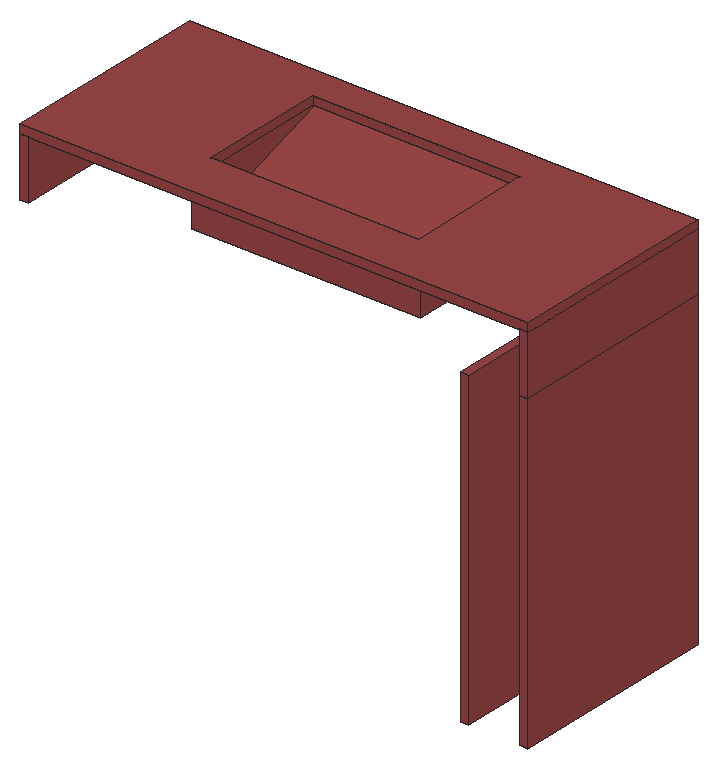
Revit family "Sanitary_Basins_Cosentino_Equilibrium1", category Plumbing Fixtures, host Wall, Revit 2020
Family settings
  Host = Wall
  Round Connector Dimension = Use Diameter
  Part Type = Normal
  Always vertical = Yes
  Cut with Voids When Loaded = No
  Shared = No
  Room Calculation Point = No
Parameters (values of type "Equilibrium")
  Ι_Wdth Cntrl [instance] = if(Width < 500 mm, 500 mm, if(Width > 600 mm, 600 mm, Width))  # 500 mm
  Ι_Vd_Dstnc [instance] = if(Tap Hole, 20 mm, 40 mm)  # 40 mm
  Ι_Lngth Cntrl [instance] = if(Length < 1200 mm, 1200 mm, if(Length > 3000 mm, 3000 mm, Length))  # 1200 mm
  Ι_Ffst 2 [instance] = if(Front Offset < 50 mm, 50 mm, 80 mm)  # 80 mm
  Ι_Ffst [instance] = if((Side Offset < 120 mm), 120 mm, if(and((Side Offset > 2410 mm), (Ι_Lngth Cntrl - Side Offset) > (490 mm + 120 mm)), 2410 mm, if(and((Side Offset > 2410 mm), Side Offset > (Ι_Lngth Cntrl - 490 mm - 120 mm)), Ι_Lngth Cntrl - 490 mm - 120 mm, if(and((Ι_Lngth Cntrl - 120 mm - 490 mm) > 2410 mm, Side Offset > 2410 mm), 2410 mm, if(and((Ι_Lngth Cntrl - 2410 mm - 490 mm) > 120 mm, Side Offset > 120 mm), 120 mm, if((Ι_Lngth Cntrl - Side Offset) < (490 mm + 2 mm * 120), 120 mm, Side Offset))))))  # 355 mm
  Width [instance] = 500 mm
  Vent Connection = no
  URL = "www.cosentino.com"
  Tap Hole [instance] = no
  Side Offset [instance] = 355 mm
  Right Leg [instance] = no
  Product data url = "ttps://www.bimobject.com/cosentino/product/cosentino-equilibrium"
  Product Material = Natural Stone - Cosentino - Silestone - Niebla - Suede
  Product Guid = "544b242c-5904-4230-aae0-1c920e1edc3f"
  Model = "Equilibrium"
  Manufacturer = "Cosentino"
  Length [instance] = 1200 mm
  Left Leg [instance] = yes
  Keynote = "10800"
  Height [instance] = 160 mm
  HW Connection = no
  Front Offset [instance] = 80 mm
  Edition number = 1
  Description = "The basin is one of the stars of your bathroom. Cosentino offers unique designs which fit smoothly into your room, your style, and the needs of your family.\r\n\r\nWhether it’s for a master bathroom or a downstairs WC, we have the perfect product to transform your bathroom into a warm, welcoming space."
  Default Elevation = 0 mm
  CW Connection = no
  Assembly Code = "D2010400"
Reference planes
  plane 1 "Wall": y = 0
  plane 2 "Center (Left/Right)": x = 125
  plane 3 "Back": y = 75
  plane 4: x = -475
  plane 5: x = 725
  plane 6 "Front": y = 575
  plane 7: x = -455
  plane 8: x = 705
  plane 9 "Top": z = 900
  plane 10: x = -120
  plane 11: x = 125
  plane 12: x = 370
  plane 13: x = -117.5
  plane 14: x = 367.5
  plane 15: y = 495
  plane 16: y = 555
  plane 17: y = 195
  plane 18: y = 226
  plane 19: z = 880
  plane 20: z = 773.389
  plane 21: z = 753.389
  plane 22 "Void": z = 860
  plane 23: z = 740
  plane 24 "Left leg": y = 1379.417
  plane 25 "Right leg": y = 1520
Forms (mm)
  Extrusion 1, solid, material "Natural Stone - Cosentino - Silestone - Niebla - Suede" <- "Product Material", detail levels medium+fine
    sketch origin (0, 0, 900) x (1, 0, 0) y (0, 1, 0)
      loop
        line (-475, 575) -> (-475, 75) -> (725, 75) -> (725, 575) -> (-475, 575)
      loop
        line (-120, 195) -> (370, 195) -> (370, 495) -> (-120, 495) -> (-120, 195)
    from 0 to -20
  Extrusion 2, void
    sketch origin (0, 0, 900) x (1, 0, 0) y (0, 1, 0)
      loop
        circle (125, 135) r 15.875
    from -40 to -20
  Extrusion 3, solid, material "Natural Stone - Cosentino - Silestone - Niebla - Suede" <- "Product Material", detail levels medium+fine
    sketch origin (0, 0, 900) x (1, 0, 0) y (0, 1, 0)
      loop
        line (-475, 575) -> (-475, 75) -> (-455, 75) -> (-455, 555) -> (705, 555) -> (705, 75) -> (725, 75) -> (725, 575) -> (-475, 575)
    from -20 to -160
  Extrusion 4, solid, not visible
    sketch origin (2359.306, 225, 753.389) x (1, 0, 0) y (0, 1, 0)
      loop
        circle (-2234.306, 1) r 1
    from 0 to 1
  Extrusion 5, solid, material "Natural Stone - Cosentino - Silestone - Niebla - Suede" <- "Product Material", detail levels fine
    sketch origin (2359.306, 225, 753.389) x (1, 0, 0) y (0, 1, 0)
      loop
        line (-2504.306, 295) -> (-2504.306, -55) -> (-1964.306, -55) -> (-1964.306, 295) -> (-2504.306, 295)
    from 0 to 20
  Extrusion 6, solid, material "Natural Stone - Cosentino - Silestone - Niebla - Suede" <- "Product Material", detail levels fine
    sketch origin (2359.306, 225, 753.389) x (1, 0, 0) y (0, 1, 0)
      loop
        line (-2504.306, 295) -> (-2504.306, -55) -> (-1964.306, -55) -> (-1964.306, 295) -> (-2504.306, 295)
      loop
        line (-2484.306, -35) -> (-1984.306, -35) -> (-1984.306, 275) -> (-2484.306, 275) -> (-2484.306, -35)
    from 20 to 126.611
  Revolve 7, void
    sketch origin (-920.737, 226, 1200) x (-1, 0, 0) y (0, 0, 1)
      loop
        line (-1045.737, -446.611) -> (-1045.737, -426.611) -> (-1061.612, -426.611) -> (-1061.612, -446.611) -> (-1045.737, -446.611)
      axis (-1045.737, -446.611) -> (-1045.737, -426.611)
    angle from 0 to 360
  Extrusion 8, solid, material "Natural Stone - Cosentino - Silestone - Niebla - Suede" <- "Product Material", detail levels fine
    sketch origin (125, 0, 0) x (0, 1, 0) y (0, 0, 1)
      loop
        line (500, 858.918) -> (500, 880) -> (263.795, 801.265) -> (262.53, 798.735) -> (268.222, 781.659) -> (500, 858.918)
    from -242.5 to 242.5
  Extrusion 9, solid, material "Natural Stone - Cosentino - Silestone - Niebla - Suede" <- "Product Material", detail levels fine
    sketch origin (125, 0, 0) x (0, 1, 0) y (0, 0, 1)
      loop
        line (481.585, 852.78) -> (481.585, 773.389) -> (500, 773.389) -> (500, 858.918) -> (481.585, 852.78)
      loop
        line (341.209, 805.988) -> (321.209, 799.321) -> (321.209, 773.389) -> (341.209, 773.389) -> (341.209, 805.988)
    from -242.5 to 242.5
  Extrusion 10, solid, material "Natural Stone - Cosentino - Silestone - Niebla - Suede" <- "Product Material", detail levels coarse
    sketch origin (2359.306, 225, 753.389) x (1, 0, 0) y (0, 1, 0)
      loop
        line (-2834.306, 350) -> (-2834.306, -150) -> (-1634.306, -150) -> (-1634.306, 350) -> (-2834.306, 350)
    from -13.389 to 146.611
  Extrusion 11, solid, material "Natural Stone - Cosentino - Silestone - Niebla - Suede" <- "Product Material", detail levels medium
    sketch origin (2359.306, 225, 753.389) x (1, 0, 0) y (0, 1, 0)
      loop
        line (-2504.306, 295) -> (-2504.306, -55) -> (-1964.306, -55) -> (-1964.306, 295) -> (-2504.306, 295)
    from 0 to 20
  Extrusion 12, solid, material "Natural Stone - Cosentino - Silestone - Niebla - Suede" <- "Product Material", detail levels medium
    sketch origin (2359.306, 225, 773.389) x (1, 0, 0) y (0, 1, 0)
      loop
        line (-2484.306, 275) -> (-2484.306, -35) -> (-1984.306, -35) -> (-1984.306, 275) -> (-2484.306, 275)
      loop
        line (-1964.306, -55) -> (-1964.306, 295) -> (-2504.306, 295) -> (-2504.306, -55) -> (-1964.306, -55)
    from 0 to 106.611
  Extrusion 13, void
    sketch origin (2359.306, 225, 740) x (1, 0, 0) y (0, 1, 0)
      loop
        circle (-2234.306, 1) r 15.875
    from 0 to 33.389
  Extrusion 14, solid, material "Natural Stone - Cosentino - Silestone - Niebla - Suede" <- "Product Material", visible <- "Left Leg", detail levels medium+fine
    sketch origin (2359.306, 225, 740) x (1, 0, 0) y (0, 1, 0)
      loop
        line (-1634.306, -150) -> (-1634.306, 350) -> (-1794.306, 350) -> (-1794.306, -150) -> (-1774.306, -150) -> (-1774.306, 330) -> (-1654.306, 330) -> (-1654.306, -150) -> (-1634.306, -150)
    from 0 to -740
  Extrusion 15, solid, material "Natural Stone - Cosentino - Silestone - Niebla - Suede" <- "Product Material", visible <- "Right Leg", detail levels medium+fine
    sketch origin (2359.306, 225, 740) x (1, 0, 0) y (0, 1, 0)
      loop
        line (-2834.306, -150) -> (-2814.306, -150) -> (-2814.306, 330) -> (-2694.306, 330) -> (-2694.306, -150) -> (-2674.306, -150) -> (-2674.306, 350) -> (-2834.306, 350) -> (-2834.306, -150)
    from 0 to -740
  Extrusion 16, solid, material "Natural Stone - Cosentino - Silestone - Niebla - Suede" <- "Product Material", visible <- "Right Leg", detail levels coarse
    sketch origin (2359.306, 225, 740) x (1, 0, 0) y (0, 1, 0)
      loop
        line (-2834.306, -150) -> (-2674.306, -150) -> (-2674.306, 350) -> (-2834.306, 350) -> (-2834.306, -150)
    from 0 to -740
  Extrusion 17, solid, material "Natural Stone - Cosentino - Silestone - Niebla - Suede" <- "Product Material", visible <- "Left Leg", detail levels coarse
    sketch origin (2359.306, 225, 740) x (1, 0, 0) y (0, 1, 0)
      loop
        line (-1794.306, -150) -> (-1634.306, -150) -> (-1634.306, 350) -> (-1794.306, 350) -> (-1794.306, -150)
    from 0 to -740
  Extrusion 18, solid, material "Metal - Cosentino - Stainless Steel", detail levels fine
    sketch origin (125, 0, 0) x (0, 1, 0) y (0, 0, 1)
      loop
        line (261, 773.389) -> (261, 795) -> (191, 795) -> (191, 773.389) -> (261, 773.389)
    from -242.5 to 242.5
Cuts and joins
  Extrusion 2 cuts Extrusion 1
  Revolve 7 cuts Extrusion 5
  Revolve 7 cuts Extrusion 6
  joined: Extrusion 5, Extrusion 6
  Extrusion 13 cuts Extrusion 10
Text (mm)
  text "Placement Side" at (-1848.837, 1116.779, 0), in view "Ref. Level"
  text "Placement side" at (0, 1409.804, 2854.306), in view "Left"
  text "Placement side" at (0, 499.811, 2980.732), in view "Right"
Dimensions and locks
  locked: plane 3 "Back" to host wall
  "Ι_Wdth Cntrl": plane 3 "Back" to plane 6 "Front"
  locked: plane 4 to plane 7 at 20
  locked: plane 8 to plane 5 at 20
  "Ι_Lngth Cntrl": plane 4 to plane 5
  equal spacing: plane 10, plane 11, plane 12
  locked: plane 10 to plane 12 at 490
  locked: plane 10 to plane 13 at 2.5
  locked: plane 14 to plane 12 at 2.5
  "Ι_Ffst 2": plane 6 "Front" to plane 15
  locked: plane 6 "Front" to plane 16 at 20
  locked: plane 18 to plane 17 at 31
  locked: plane 15 to plane 17 at 300
  equal spacing: plane 3 "Back", Extrusion 2 sketch curve, plane 17
  locked: plane 19 to plane 9 "Top" at 20
  locked: plane 21 to plane 20 at 20
  plane 21 to plane 9 "Top" = 146.611 mm
  "Ι_Vd_Dstnc": plane 22 "Void" to plane 9 "Top"
  locked: plane 22 "Void" to Extrusion 2 at 20
  locked: plane 23 to plane 9 "Top" at 160
  "Ι_Ffst": plane 12 to plane 5
  equal spacing: plane 4, plane 2 "Center (Left/Right)", plane 5
  locked: Extrusion 14 sketch curve to plane 5 at 160
  locked: Extrusion 14 to plane 23 at 740
  plane 4 to Extrusion 15 sketch curve to Extrusion 15 sketch curve = 140 mm locked, 20 mm locked
  locked: Extrusion 15 to plane 23 at 740
  locked: plane 4 to Extrusion 16 sketch curve at 160
  locked: Extrusion 17 sketch curve to plane 5 at 160
  locked: Extrusion 17 to plane 23 at 740
  locked: Extrusion 16 to plane 23 at 740
  Extrusion 12 sketch curve to Extrusion 12 sketch curve to plane 13 = 20 mm locked, 7.5 mm locked
  plane 14 to Extrusion 12 sketch curve to Extrusion 12 sketch curve = 7.5 mm locked, 20 mm locked
  Extrusion 12 sketch curve to Extrusion 12 sketch curve to plane 15 = 20 mm locked, 5 mm locked
  plane 17 to Extrusion 12 sketch curve to Extrusion 12 sketch curve = 5 mm locked, 20 mm locked
  Extrusion 6 sketch curve to Extrusion 6 sketch curve to plane 10 = 20 mm locked, 5 mm locked
  plane 12 to Extrusion 6 sketch curve to Extrusion 6 sketch curve = 5 mm locked, 20 mm locked
  Extrusion 6 sketch curve to Extrusion 6 sketch curve to plane 15 = 20 mm locked, 5 mm locked
  plane 17 to Extrusion 6 sketch curve to Extrusion 6 sketch curve = 5 mm locked, 20 mm locked
  locked: plane 17 to Extrusion 11 sketch curve at 25
  locked: Extrusion 11 sketch curve to plane 15 at 25
  locked: Extrusion 11 sketch curve to plane 10 at 25
  locked: plane 12 to Extrusion 11 sketch curve at 25
  locked: Extrusion 5 sketch curve to plane 15 at 25
  locked: plane 17 to Extrusion 5 sketch curve at 25
  locked: Extrusion 5 sketch curve to plane 10 at 25
  locked: plane 12 to Extrusion 5 sketch curve at 25
  Extrusion 9 sketch curve to plane 15 to Extrusion 9 sketch curve to Extrusion 9 sketch curve to Extrusion 9 sketch curve = 5 mm locked, 13.415 mm locked, 140.376 mm locked, 20 mm locked
  Extrusion 9 sketch curve to Extrusion 9 sketch curve to Extrusion 9 sketch curve to Extrusion 9 sketch curve to plane 20 = 6.138 mm locked, 46.792 mm locked, 6.667 mm locked, 25.932 mm locked
  Extrusion 8 sketch curve to plane 15 to Extrusion 8 sketch curve to Extrusion 8 sketch curve to Extrusion 8 sketch curve = 5 mm locked, 226.778 mm locked, 4.427 mm locked, 1.265 mm locked
  plane 9 "Top" to Extrusion 8 sketch curve to Extrusion 8 sketch curve to Extrusion 8 sketch curve to Extrusion 8 sketch curve to Extrusion 8 sketch curve = 20 mm locked, 21.082 mm locked, 57.653 mm locked, 2.53 mm locked, 17.076 mm locked
  plane 15 to Extrusion 18 sketch curve to Extrusion 18 sketch curve = 234 mm locked, 70 mm locked
  locked: Extrusion 18 sketch curve to plane 20 at 21.611
  aligned and locked: plane 1 "Wall" to host wall
  aligned and locked: Extrusion 1 sketch curve to plane 3 "Back"
  aligned and locked: Extrusion 1 sketch curve to plane 6 "Front"
  aligned and locked: plane 5 to Extrusion 1 sketch curve
  aligned and locked: plane 4 to Extrusion 1 sketch curve
  aligned and locked: Extrusion 1 sketch curve to plane 17
  aligned and locked: Extrusion 1 sketch curve to plane 10
  aligned and locked: plane 15 to Extrusion 1 sketch curve
  aligned and locked: plane 12 to Extrusion 1 sketch curve
  aligned and locked: plane 11 to Extrusion 2 sketch curve
  aligned and locked: Extrusion 1 to plane 19
  aligned and locked: Extrusion 2 to plane 22 "Void"
  aligned and locked: plane 6 "Front" to Extrusion 3 sketch curve
  aligned and locked: Extrusion 3 sketch curve to plane 4
  aligned and locked: plane 7 to Extrusion 3 sketch curve
  aligned and locked: Extrusion 3 sketch curve to plane 16
  aligned and locked: Extrusion 3 sketch curve to plane 5
  aligned and locked: plane 8 to Extrusion 3 sketch curve
  aligned and locked: plane 3 "Back" to Extrusion 3 sketch curve  (x2)
  aligned and locked: plane 19 to Extrusion 3
  aligned and locked: Extrusion 3 to plane 23
  aligned and locked: plane 11 to Extrusion 4 sketch curve
  aligned and locked: plane 18 to Extrusion 4 sketch curve
  aligned and locked: plane 20 to Extrusion 5
  aligned and locked: plane 19 to Extrusion 6
  aligned and locked: Extrusion 6 to plane 20
  aligned and locked: Revolve 7 sketch curve to plane 11  (x2)
  aligned and locked: plane 21 to Revolve 7 sketch curve
  aligned and locked: plane 20 to Revolve 7 sketch curve
  aligned and locked: Extrusion 8 to plane 13
  aligned and locked: Extrusion 8 to plane 14
  aligned and locked: Extrusion 9 to plane 14
  aligned and locked: Extrusion 9 to plane 13
  aligned and locked: plane 5 to Extrusion 10 sketch curve
  aligned and locked: Extrusion 10 sketch curve to plane 3 "Back"
  aligned and locked: Extrusion 10 sketch curve to plane 6 "Front"
  aligned and locked: plane 4 to Extrusion 10 sketch curve
  aligned and locked: Extrusion 10 to plane 23
  aligned and locked: plane 9 "Top" to Extrusion 10
  aligned and locked: plane 20 to Extrusion 11
  aligned and locked: plane 19 to Extrusion 12
  aligned and locked: plane 11 to Extrusion 13 sketch curve
  aligned and locked: plane 18 to Extrusion 13 sketch curve
  aligned and locked: plane 3 "Back" to Extrusion 14 sketch curve  (x2)
  aligned and locked: Extrusion 14 sketch curve to plane 5
  aligned and locked: plane 8 to Extrusion 14 sketch curve
  aligned and locked: Extrusion 14 sketch curve to plane 16
  aligned and locked: Extrusion 15 sketch curve to plane 3 "Back"  (x2)
  aligned and locked: plane 4 to Extrusion 15 sketch curve
  aligned and locked: Extrusion 15 sketch curve to plane 7
  aligned and locked: Extrusion 15 sketch curve to plane 6 "Front"
  aligned and locked: plane 16 to Extrusion 15 sketch curve
  aligned and locked: Extrusion 16 sketch curve to plane 4
  aligned and locked: plane 6 "Front" to Extrusion 16 sketch curve
  aligned and locked: plane 3 "Back" to Extrusion 16 sketch curve
  aligned and locked: plane 6 "Front" to Extrusion 17 sketch curve
  aligned and locked: Extrusion 17 sketch curve to plane 5
  aligned and locked: plane 3 "Back" to Extrusion 17 sketch curve
  aligned and locked: plane 20 to Extrusion 13
  aligned and locked: Extrusion 13 to plane 23
  aligned and locked: Extrusion 9 sketch curve to plane 20  (x2)
  aligned and locked: Extrusion 18 sketch curve to plane 20
  aligned and locked: Extrusion 18 to plane 13
  aligned and locked: Extrusion 18 to plane 14
Automatic sketch dimensions
  Extrusion 14 sketch curve to plane 6 "Front" = 0 mm
  Extrusion 14 sketch curve to Extrusion 14 sketch curve = 20 mm
  Revolve 7 sketch curve to plane 23 = 200 mm
  plane 9 "Top" to Revolve 7 sketch curve = 340 mm
  Revolve 7 sketch curve to Revolve 7 sketch curve = 15.875 mm
  radius of Extrusion 2 sketch curve = 15.875 mm
  radius of Extrusion 4 sketch curve = 1 mm
  radius of Extrusion 13 sketch curve = 15.875 mm
Connectors
  piping at (125, 226, 753.389), diameter 35
    settings: on Extrusion 4, index 1, connector inside diameter 609.6 mm, connector length 0 mm, flow factor 0, pipe flow 0.0 L/s, pressure drop 0.0 Pa, fitting loss kfactor 0, connector angle 0.00°, fixture units 0, engagement length 0 mm, angle of deflection 0.00°, flow configuration 3, flow direction 2, fitting loss method 0, system type 16, joint type 0, gender type 0, connector reference index -1, connector utility 0, adjustable connector no, is connector primary yes, connector description ""
